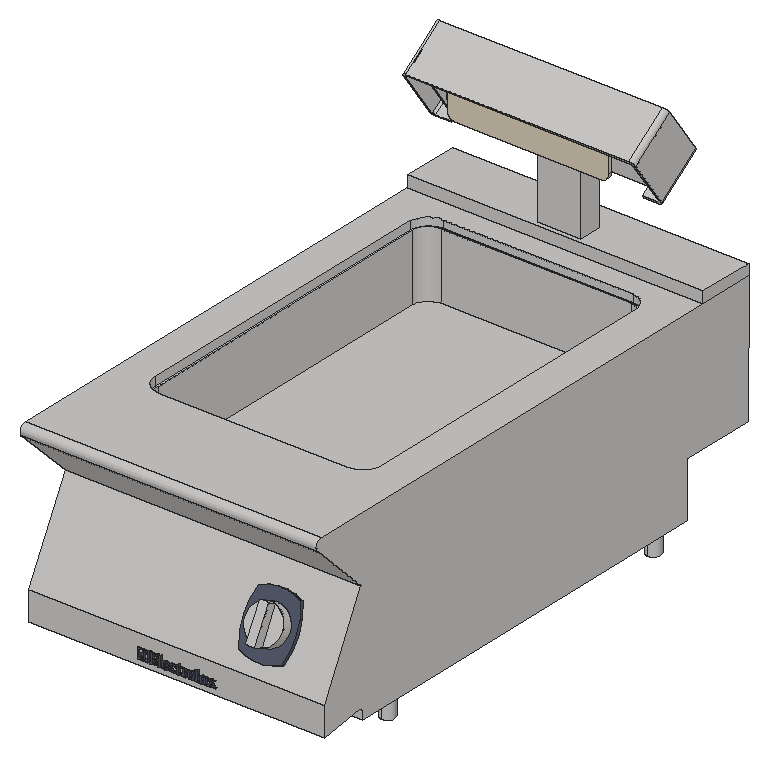
Revit family "QF_ELECTROLUXPROFESSIONAL_371086_E7CSEDC000", category Specialty Equipment, Revit 2018
Family settings
  Round Connector Dimension = Use Diameter
  Part Type = Normal
  Work Plane-Based = No
  Always vertical = Yes
  Cut with Voids When Loaded = No
  Shared = No
  Room Calculation Point = No
Parameters
  Width = 400 mm  # constant formula
  Weight in Pounds = 44  # constant formula
  Watts = 1000 VA  # 1000 W
  Volts = 230 V  # constant formula
  URL Cutsheet = "www.electrolux.com"
  URL = "www.electrolux.com"
  Type Mark [instance] = ""
  Status [instance] = ""
  Specification by User [instance] = ""
  Specification by Manufacturer = ""
  Show Logo [instance] = yes
  Show Clearance [instance] = yes
  Serial Number = ""
  Seismic Rating = ""
  SMACNA No = ""
  Revision Code [instance] = ""
  Phase = 1
  Omniclass Number and Title = ""
  Number of Poles [instance] = 1
  NAFEM Spec ID Number = ""
  Model = "371086"
  Min Ckt Ampacity = 0 A
  Max Overcurrent Protection = 0 A
  Masterspec = ""
  Manufacturer = "ELECTROLUX"
  Item Number [instance] = ""
  Installed By [instance] = ""
  Identify Quantity as Lot [instance] = yes
  Height = 290 mm  # constant formula
  HP = "1.3 HP"
  Furnished By [instance] = ""
  Foodservice Equipment Identifier [instance] = yes
  FL Amps = if(Phase = 3, Watts / (Volts * 1.73), Watts / Volts)  # 4.34783 A
  Electrical Remarks [instance] = "230 V/1N ph/50/60 Hz"  # constant formula
  Electric Connection Type [instance] = ""
  Elec Conn RI Height [instance] = 0 mm
  Elec Conn Connection Height [instance] = 0 mm
  Direct Waste Size = 0"
  Description = "700XP Electric Chip Scuttle"
  Depth = 730.25 mm  # constant formula
  Cycle [instance] = if([60 Hertz Option], 60 Hz, 50 Hz)  # 60 Hz
  Conn Plug = ""
  Conn Conduit = yes
  CSI MasterFormat = ""
  CSI Master Format = ""
  Base Height = 23.813 mm  # constant formula
  Assembly Code = ""
  Apparent Power = if(Phase = 3, Volts * FL Amps * 1.73, Volts * FL Amps)  # 1000 VA
  60 Hertz Option [instance] = not([50 Hertz Option])  # yes
  50 Hertz Option [instance] = no
Reference planes
  plane 1 "BACK": y = 0
  plane 2: z = 0
  plane 3 "LEFT": x = 0
  plane 4 "RIGHT": x = 400
  plane 5 "FRONT": y = -730.25
  plane 6 "TOP": z = 274.638
  plane 7 "Center Y": x = 200
  plane 8 "Center X": y = -365.125
  plane 9: z = 23.813
  plane 10: z = 290
  plane 11: z = 497
Forms (mm)
  Extrusion 1, solid, material "QF_Finishes_Stainless Steel"
    sketch origin (0, 0, 0) x (0, 1, 0) y (0, 0, 1)
      loop
        line (0, 98.425) -> (0, 274.638) -> (-721.5, 274.638)
        arc (-721.5, 274.638) -> (-729.472, 269.31) -> (-727.602, 259.906) r 8.63
        line (-727.602, 259.906) -> (-654.039, 186.343) -> (-715.962, 68.584) -> (-715.962, 30.162) -> (-655.839, 38.612)
        arc (-655.839, 38.612) -> (-653.314, 37.864) -> (-652.222, 35.468) r 3.175
        line (-652.222, 35.468) -> (-652.222, 23.813) -> (-103.188, 23.813) -> (-103.188, 98.425) -> (0, 98.425)
    from 0 to 400
  Extrusion 2, solid, material "QF_Finishes_Stainless Steel"
    sketch origin (0, 0, 0) x (1, 0, 0) y (0, 1, 0)
      loop
        circle (11.112, -146) r 9.525
      loop
        circle (388.888, -146) r 9.525
      loop
        circle (11.112, -596) r 9.525
      loop
        circle (388.888, -596) r 9.525
    from 0 to 23.812
  Extrusion 3, solid, material "QF_Finishes_Stainless Steel"
    sketch origin (0, 0, 0) x (0, 1, 0) y (0, 0, 1)
      loop
        line (0, 274.638) -> (0, 290) -> (-76.2, 290) -> (-76.2, 274.638) -> (0, 274.638)
    from 0 to 400
  Extrusion 4, solid, material "QF_Finishes_Navy Blue", visible <- "Show Logo"
    sketch origin (112.929, -715.962, -347.662) x (0, 0, 1) y (-1, 0, 0)
      loop
        line (399.239, -44.568) -> (386.873, -44.568)
        arc (386.873, -44.568) -> (393.056, -49.139) -> (399.239, -44.568) r 6.467
      loop
        arc (399.239, -43.939) -> (398.07, -38.796) -> (393.414, -36.318) r 6.338
        line (393.414, -36.318) -> (393.414, -38.364)
        arc (393.414, -38.364) -> (394.898, -42.019) -> (398.344, -43.939) r 5.941
        line (398.344, -43.939) -> (399.239, -43.939)
      loop
        arc (387.768, -43.939) -> (391.214, -42.019) -> (392.697, -38.364) r 5.941
        line (392.697, -38.364) -> (392.697, -36.318)
        arc (392.697, -36.318) -> (388.003, -38.792) -> (386.714, -43.939) r 6.504
        line (386.714, -43.939) -> (387.768, -43.939)
      loop
        line (399.914, -35.849) -> (386.17, -35.849) -> (386.17, -49.611) -> (399.914, -49.611) -> (399.914, -35.849)
      loop
        arc (399.998, -52.579) -> (399.65, -52.222) -> (399.283, -52.559) r 0.358
        arc (399.283, -52.559) -> (398.969, -53.31) -> (398.252, -53.694) r 1.216
        line (398.252, -53.694) -> (387.839, -53.694)
        arc (387.839, -53.694) -> (387.179, -53.417) -> (386.783, -52.821) r 1.238
        arc (386.783, -52.821) -> (386.389, -52.57) -> (386.083, -52.924) r 0.358
        line (386.083, -52.924) -> (386.083, -62.803) -> (388.834, -62.803) -> (388.834, -61.905)
        arc (388.834, -61.905) -> (387.925, -61.326) -> (387.47, -60.348) r 1.928
        line (387.47, -60.348) -> (387.47, -57.849)
        arc (387.47, -57.849) -> (387.745, -57.121) -> (388.434, -56.757) r 1.101
        line (388.434, -56.757) -> (392.52, -56.757) -> (392.52, -60.43)
        arc (392.52, -60.43) -> (392.167, -60.927) -> (391.602, -61.155) r 1.083
        arc (391.602, -61.155) -> (391.339, -61.46) -> (391.631, -61.738) r 0.292
        line (391.631, -61.738) -> (394.593, -61.738)
        arc (394.593, -61.738) -> (394.896, -61.466) -> (394.657, -61.136) r 0.305
        arc (394.657, -61.136) -> (394.167, -60.887) -> (393.862, -60.43) r 1.083
        line (393.862, -60.43) -> (393.862, -56.757) -> (398.539, -56.757) -> (398.539, -60.504)
        arc (398.539, -60.504) -> (398.325, -61.259) -> (397.718, -61.758) r 1.314
        arc (397.718, -61.758) -> (397.499, -62.162) -> (397.854, -62.454) r 0.361
        line (397.854, -62.454) -> (399.998, -62.454) -> (399.998, -52.579)
      loop
        arc (399.28, -63.235) -> (398.9, -64.153) -> (397.981, -64.534) r 1.299
        line (397.981, -64.534) -> (388.403, -64.534)
        arc (388.403, -64.534) -> (387.565, -64.156) -> (387.293, -63.278) r 1.118
        line (387.293, -63.278) -> (386.083, -63.278) -> (386.083, -68.627) -> (387.272, -68.627)
        arc (387.272, -68.627) -> (387.543, -67.711) -> (388.413, -67.314) r 1.153
        line (388.413, -67.314) -> (400.486, -67.314) -> (399.28, -63.235)
      loop
        line (391.048, -71.264) -> (391.048, -77.711) -> (391.847, -77.711)
        arc (391.847, -77.711) -> (394.428, -76.726) -> (395.696, -74.273) r 3.874
        line (395.696, -74.273) -> (395.696, -72.512)
        arc (395.696, -72.512) -> (394.51, -69.648) -> (391.645, -68.461) r 4.051
        line (391.645, -68.461) -> (389.637, -68.461)
        arc (389.637, -68.461) -> (386.819, -69.946) -> (385.767, -72.953) r 4.352
        arc (385.767, -72.953) -> (386.131, -75.417) -> (387.509, -77.491) r 5.713
        line (387.509, -77.491) -> (388.458, -77.491)
        arc (388.458, -77.491) -> (387.725, -75.922) -> (387.509, -74.204) r 5.579
        arc (387.509, -74.204) -> (388.303, -72.24) -> (390.182, -71.264) r 3.057
        line (390.182, -71.264) -> (391.048, -71.264)
      loop
        line (392.307, -71.264) -> (392.307, -74.846)
        arc (392.307, -74.846) -> (393.764, -74.893) -> (394.647, -73.733) r 1.59
        line (394.647, -73.733) -> (394.647, -72.904)
        arc (394.647, -72.904) -> (393.783, -71.648) -> (392.307, -71.264) r 2.184
      loop
        arc (395.098, -87.129) -> (395.587, -85.455) -> (395.745, -83.718) r 9.023
        line (395.745, -83.718) -> (395.745, -82.355)
        arc (395.745, -82.355) -> (394.585, -79.556) -> (391.786, -78.396) r 3.959
        line (391.786, -78.396) -> (389.185, -78.396)
        arc (389.185, -78.396) -> (386.904, -79.689) -> (385.786, -82.062) r 4.331
        line (385.786, -82.062) -> (385.786, -84.197)
        arc (385.786, -84.197) -> (386.294, -85.747) -> (387.216, -87.092) r 5.772
        arc (387.216, -87.092) -> (387.978, -87.143) -> (388.064, -86.385) r 0.553
        arc (388.064, -86.385) -> (387.676, -85.651) -> (387.543, -84.832) r 2.573
        line (387.543, -84.832) -> (387.543, -83.316)
        arc (387.543, -83.316) -> (388.548, -81.675) -> (390.363, -81.032) r 2.884
        line (390.363, -81.032) -> (391.642, -81.032)
        arc (391.642, -81.032) -> (393.463, -81.592) -> (394.39, -83.257) r 2.554
        line (394.39, -83.257) -> (394.39, -84.311)
        arc (394.39, -84.311) -> (394.058, -85.239) -> (393.401, -85.974) r 2.564
        arc (393.401, -85.974) -> (393.18, -86.691) -> (393.789, -87.129) r 0.643
        line (393.789, -87.129) -> (395.098, -87.129)
      loop
        line (394.08, -87.399) -> (394.08, -88.9) -> (388.032, -88.9)
        arc (388.032, -88.9) -> (386.444, -89.558) -> (385.786, -91.146) r 2.246
        line (385.786, -91.146) -> (385.786, -92.729)
        arc (385.786, -92.729) -> (386.1, -93.594) -> (386.601, -94.366) r 4.06
        arc (386.601, -94.366) -> (387.333, -94.498) -> (387.584, -93.798) r 0.576
        arc (387.584, -93.798) -> (387.478, -93.272) -> (387.543, -92.739) r 1.69
        arc (387.543, -92.739) -> (388.084, -91.952) -> (388.991, -91.648) r 1.506
        line (388.991, -91.648) -> (394.128, -91.648) -> (394.128, -94.046) -> (394.685, -94.602) -> (395.506, -94.602) -> (395.506, -91.742) -> (398.738, -91.742) -> (394.08, -87.399)
      loop
        line (386.004, -95.499) -> (386.004, -100.886) -> (387.114, -100.886)
        arc (387.114, -100.886) -> (387.508, -99.935) -> (388.459, -99.541) r 1.345
        line (388.459, -99.541) -> (392.075, -99.541)
        arc (392.075, -99.541) -> (392.839, -100.133) -> (393.129, -101.056) r 1.615
        line (393.129, -101.056) -> (393.129, -102.611) -> (395.685, -103.296) -> (395.685, -101.914) -> (393.742, -99.354) -> (395.622, -99.354) -> (395.338, -96.649)
        arc (395.338, -96.649) -> (394.898, -96.118) -> (394.24, -96.319) r 0.621
        arc (394.24, -96.319) -> (393.839, -96.662) -> (393.345, -96.844) r 1.501
        line (393.345, -96.844) -> (388.459, -96.844)
        arc (388.459, -96.844) -> (387.508, -96.45) -> (387.114, -95.499) r 1.345
        line (387.114, -95.499) -> (386.004, -95.499)
      loop
        line (392.106, -102.834) -> (389.413, -102.834)
        arc (389.413, -102.834) -> (386.968, -104.141) -> (385.834, -106.672) r 4.288
        arc (385.834, -106.672) -> (385.77, -108.052) -> (385.834, -109.433) r 15.022
        arc (385.834, -109.433) -> (386.968, -111.963) -> (389.413, -113.271) r 4.288
        line (389.413, -113.271) -> (392.106, -113.271)
        arc (392.106, -113.271) -> (394.551, -111.963) -> (395.685, -109.433) r 4.288
        arc (395.685, -109.433) -> (395.748, -108.052) -> (395.685, -106.672) r 15.022
        arc (395.685, -106.672) -> (394.551, -104.141) -> (392.106, -102.834) r 4.288
      loop
        line (392.31, -105.948) -> (389.209, -105.948)
        arc (389.209, -105.948) -> (387.052, -108.105) -> (389.209, -110.262) r 2.157
        line (389.209, -110.262) -> (392.31, -110.262)
        arc (392.31, -110.262) -> (394.467, -108.105) -> (392.31, -105.948) r 2.157
      loop
        arc (399.291, -113.129) -> (398.921, -114.023) -> (398.027, -114.393) r 1.264
        line (398.027, -114.393) -> (388.162, -114.393)
        arc (388.162, -114.393) -> (387.292, -113.997) -> (387.021, -113.08) r 1.153
        line (387.021, -113.08) -> (386.083, -113.08) -> (386.083, -118.189) -> (387.011, -118.189)
        arc (387.011, -118.189) -> (387.371, -117.416) -> (388.162, -117.102) r 1.153
        line (388.162, -117.102) -> (400.486, -117.102) -> (399.291, -113.129)
      loop
        arc (394.411, -117.726) -> (394.212, -118.79) -> (393.243, -119.273) r 1.215
        line (393.243, -119.273) -> (388.223, -119.273)
        arc (388.223, -119.273) -> (386.609, -119.92) -> (385.888, -121.503) r 2.338
        line (385.888, -121.503) -> (385.888, -123.017)
        arc (385.888, -123.017) -> (386.062, -124.021) -> (386.565, -124.908) r 2.979
        line (386.565, -124.908) -> (386.083, -126.704) -> (386.083, -128.393) -> (395.509, -128.393) -> (395.215, -124.19) -> (394.428, -124.19)
        arc (394.428, -124.19) -> (394.073, -125.025) -> (393.32, -125.534) r 1.605
        line (393.32, -125.534) -> (388.217, -125.534)
        arc (388.217, -125.534) -> (387.797, -124.598) -> (387.724, -123.573) r 2.94
        arc (387.724, -123.573) -> (388.285, -122.473) -> (389.439, -122.03) r 1.724
        line (389.439, -122.03) -> (395.635, -122.03) -> (394.411, -117.726)
      loop
        line (395.44, -129.246) -> (393.767, -131.292) -> (390.593, -133.598) -> (387.137, -130.486)
        arc (387.137, -130.486) -> (386.9, -130.093) -> (386.922, -129.634) r 0.789
        line (386.922, -129.634) -> (386.083, -129.634) -> (386.083, -133.179) -> (386.909, -133.179)
        arc (386.909, -133.179) -> (387.252, -132.816) -> (387.742, -132.908) r 0.52
        line (387.742, -132.908) -> (389.542, -134.38) -> (387.423, -135.755)
        arc (387.423, -135.755) -> (387.022, -135.445) -> (386.935, -134.946) r 0.7
        line (386.935, -134.946) -> (386.083, -134.946) -> (386.083, -140.873) -> (386.97, -140.873)
        arc (386.97, -140.873) -> (387.037, -140.214) -> (387.432, -139.682) r 1.247
        line (387.432, -139.682) -> (391.631, -136.401) -> (394.079, -138.455) -> (395.44, -140.197) -> (395.44, -136.473) -> (393.954, -136.895) -> (392.433, -135.619) -> (394.133, -134.428) -> (395.44, -135.205) -> (395.44, -129.246)
    from 0 to 1.644
  Extrusion 5, solid, material "QF_Finishes_Stainless Steel"
    sketch origin (0, -103.188, 23.813) x (0, 0, 1) y (1, 0, 0)
      loop
        circle (37, 200) r 3.175
    from 0 to 1.6
  Extrusion 6, solid, material "QF_Finishes_Navy Blue"
    sketch origin (-232.598, -719.37, 62.104) x (0, 0.465426, 0.885087) y (-1, 0, 0)
      loop
        arc (102.623, -510.47) -> (67.041, -502.846) -> (31.333, -509.853) r 90.5
        arc (31.333, -509.853) -> (24.507, -539.04) -> (31.333, -568.228) r 65.817
        arc (31.333, -568.228) -> (67.04, -575.188) -> (102.623, -567.615) r 91.066
        arc (102.623, -567.615) -> (109.179, -539.043) -> (102.623, -510.47) r 65.546
    from 0 to 3.175
  Extrusion 7, solid, material "QF_Finishes_Stainless Steel"
    sketch origin (146.152, -723.103, 61.827) x (0, 0.465426, 0.885087) y (-1, 0, 0)
      loop
        circle (68.826, -160.963) r 25.4
    from 0 to 12.7
  Extrusion 8, solid, material "QF_Finishes_Stainless Steel"
    sketch origin (146.152, -734.344, 67.738) x (0, 0.465426, 0.885087) y (-1, 0, 0)
      loop
        arc (93.558, -166.749) -> (94.226, -160.963) -> (93.558, -155.177) r 25.4
        line (93.558, -155.177) -> (44.094, -155.177)
        arc (44.094, -155.177) -> (43.426, -160.963) -> (44.094, -166.749) r 25.4
        line (44.094, -166.749) -> (93.558, -166.749)
    from 0 to 12.7
  Extrusion 9, solid, material "QF_Finishes_Clearance", visible <- "Show Clearance", detail levels coarse
    sketch origin (0, 0, 0) x (1, 0, 0) y (0, 1, 0)
      loop
        line (0, -730.25) -> (0, 0) -> (400, 0) -> (400, -730.25) -> (550, -730.25) -> (550, 150) -> (-150, 150) -> (-150, -730.25) -> (0, -730.25)
    from 0 to 290
  Extrusion 10, solid, material "QF_Finishes_Stainless Steel"
    sketch origin (0, 0, 0) x (0, 1, 0) y (0, 0, 1)
      loop
        line (-38.1, 290) -> (-38.1, 420) -> (-69.19, 398.23) -> (-69.19, 290) -> (-38.1, 290)
    from 171.287 to 228.713
  Extrusion 11, solid, material "QF_Finishes_Stainless Steel"
    sketch origin (0, 207.687, -131.446) x (1, 0, 0) y (0, -0.573576, 0.819152)
      loop
        line (49.422, 592.696) -> (70, 592.696) -> (70, 595.896) -> (49.422, 595.896)
        arc (49.422, 595.896) -> (47.442, 596.716) -> (46.622, 598.696) r 2.8
        line (46.622, 598.696) -> (46.622, 675.455)
        arc (46.622, 675.455) -> (47.442, 677.435) -> (49.422, 678.255) r 2.8
        line (49.422, 678.255) -> (350.922, 678.255)
        arc (350.922, 678.255) -> (352.902, 677.435) -> (353.722, 675.455) r 2.8
        line (353.722, 675.455) -> (353.722, 598.696)
        arc (353.722, 598.696) -> (352.902, 596.716) -> (350.922, 595.896) r 2.8
        line (350.922, 595.896) -> (330, 595.896) -> (330, 592.696) -> (350.922, 592.696)
        arc (350.922, 592.696) -> (355.165, 594.453) -> (356.922, 598.696) r 6
        line (356.922, 598.696) -> (356.922, 675.455)
        arc (356.922, 675.455) -> (355.165, 679.698) -> (350.922, 681.455) r 6
        line (350.922, 681.455) -> (49.422, 681.455)
        arc (49.422, 681.455) -> (45.18, 679.698) -> (43.422, 675.455) r 6
        line (43.422, 675.455) -> (43.422, 598.696)
        arc (43.422, 598.696) -> (45.18, 594.453) -> (49.422, 592.696) r 6
    from -122.733 to -52.733
  Extrusion 12, solid, material "QF_Finishes_Stainless Steel"
    sketch origin (0, 207.687, -131.446) x (1, 0, 0) y (0, -0.573576, 0.819152)
      loop
        arc (353.722, 675.455) -> (352.902, 677.435) -> (350.922, 678.255) r 2.8
        line (350.922, 678.255) -> (49.422, 678.255)
        arc (49.422, 678.255) -> (47.442, 677.435) -> (46.622, 675.455) r 2.8
        line (46.622, 675.455) -> (46.622, 598.696)
        arc (46.622, 598.696) -> (47.442, 596.716) -> (49.422, 595.896) r 2.8
        line (49.422, 595.896) -> (350.922, 595.896)
        arc (350.922, 595.896) -> (352.902, 596.716) -> (353.722, 598.696) r 2.8
        line (353.722, 598.696) -> (353.722, 675.455)
    from -122.733 to -86.366
  Extrusion 13, solid, material "QF_Finishes_Stainless Steel"
    sketch origin (0, 207.687, -131.446) x (0, 0.819152, 0.573576) y (0, -0.573576, 0.819152)
      loop
        line (64.196, 600.535) -> (67.021, 599.033) -> (85.562, 633.903) -> (82.975, 635.853) -> (64.196, 600.535)
      loop
        line (69.646, 647.915) -> (72.471, 646.413) -> (86.232, 672.294) -> (83.645, 674.243) -> (69.646, 647.915)
    from 61.746 to 338.254
  Extrusion 14, solid, material "QF_Finishes_Stainless Steel"
    sketch origin (0, 207.687, -131.446) x (1, 0, 0) y (0, -0.573576, 0.819152)
      loop
        line (59.871, 678.255) -> (56.696, 678.255) -> (56.696, 595.896) -> (59.871, 595.896) -> (59.871, 678.255)
      loop
        line (340.129, 678.255) -> (340.129, 595.896) -> (343.304, 595.896) -> (343.304, 678.255) -> (340.129, 678.255)
    from -86.366 to -65.849
  Extrusion 15, solid, material "QF_Finishes_Almond"
    sketch origin (0, -118.332, -209.985) x (1, 0, 0) y (0, 0, 1)
      loop
        line (90.908, 678.255) -> (90.908, 629.664)
        arc (90.908, 629.664) -> (93.837, 622.593) -> (100.908, 619.664) r 10
        line (100.908, 619.664) -> (299.092, 619.664)
        arc (299.092, 619.664) -> (306.163, 622.593) -> (309.092, 629.664) r 10
        line (309.092, 629.664) -> (309.092, 678.255) -> (90.908, 678.255)
    from 0 to 3.2
  Extrusion 16, void
    sketch origin (0, 0, 0) x (1, 0, 0) y (0, 1, 0)
      loop
        line (328.172, -106.2) -> (72.172, -106.2)
        arc (72.172, -106.2) -> (54.495, -113.522) -> (47.172, -131.2) r 25
        line (47.172, -131.2) -> (47.172, -561.2)
        arc (47.172, -561.2) -> (54.495, -578.878) -> (72.172, -586.2) r 25
        line (72.172, -586.2) -> (328.172, -586.2)
        arc (328.172, -586.2) -> (345.85, -578.878) -> (353.172, -561.2) r 25
        line (353.172, -561.2) -> (353.172, -131.2)
        arc (353.172, -131.2) -> (345.85, -113.522) -> (328.172, -106.2) r 25
    from 174.637 to 274.637
  Extrusion 17, solid, material "QF_Finishes_Stainless Steel"
    sketch origin (0, 0, 0) x (1, 0, 0) y (0, 1, 0)
      loop
        line (72.172, -586.2) -> (328.172, -586.2)
        arc (328.172, -586.2) -> (345.85, -578.878) -> (353.172, -561.2) r 25
        line (353.172, -561.2) -> (353.172, -131.2)
        arc (353.172, -131.2) -> (345.85, -113.522) -> (328.172, -106.2) r 25
        line (328.172, -106.2) -> (72.172, -106.2)
        arc (72.172, -106.2) -> (54.495, -113.522) -> (47.172, -131.2) r 25
        line (47.172, -131.2) -> (47.172, -561.2)
        arc (47.172, -561.2) -> (54.495, -578.878) -> (72.172, -586.2) r 25
      loop
        arc (328.172, -583) -> (343.587, -576.615) -> (349.972, -561.2) r 21.8
        line (349.972, -561.2) -> (349.972, -131.2)
        arc (349.972, -131.2) -> (343.587, -115.785) -> (328.172, -109.4) r 21.8
        line (328.172, -109.4) -> (72.172, -109.4)
        arc (72.172, -109.4) -> (56.757, -115.785) -> (50.372, -131.2) r 21.8
        line (50.372, -131.2) -> (50.372, -561.2)
        arc (50.372, -561.2) -> (56.757, -576.615) -> (72.172, -583) r 21.8
        line (72.172, -583) -> (328.172, -583)
    from 174.637 to 264.637
  Extrusion 18, solid, material "QF_Finishes_Stainless Steel"
    sketch origin (0, 0, 0) x (0, 1, 0) y (0, 0, 1)
      loop
        line (-73.082, 483.512) -> (-67.28, 475.226) -> (-65.422, 477.084) -> (-73.082, 483.512)
      loop
        line (-57.188, 460.812) -> (-51.386, 452.526) -> (-49.527, 454.385) -> (-57.188, 460.812)
    from 90.908 to 152.58
  Extrusion 19, solid, material "QF_Finishes_Stainless Steel"
    sketch origin (78.256, 0, 0) x (0, 1, 0) y (0, 0, 1)
      loop
        line (-73.082, 483.512) -> (-67.28, 475.226) -> (-65.422, 477.084) -> (-73.082, 483.512)
      loop
        line (-57.188, 460.812) -> (-51.386, 452.526) -> (-49.527, 454.385) -> (-57.188, 460.812)
    from 90.908 to 152.58
  Extrusion 20, solid, material "QF_Finishes_Stainless Steel"
    sketch origin (156.512, 0, 0) x (0, 1, 0) y (0, 0, 1)
      loop
        line (-73.082, 483.512) -> (-67.28, 475.226) -> (-65.422, 477.084) -> (-73.082, 483.512)
      loop
        line (-57.188, 460.812) -> (-51.386, 452.526) -> (-49.527, 454.385) -> (-57.188, 460.812)
    from 90.908 to 152.58
Cuts and joins
  Extrusion 16 cuts Extrusion 1
  Extrusion 16 cuts Extrusion 2
  Extrusion 16 cuts Extrusion 9
  joined: Extrusion 11, Extrusion 12
Lines and regions (mm)
  symbolic lines
    curve 1: line (0, -730.129, 0) -> (400, -730.129, 0)
    curve 2: line (0, 0, 0) -> (0, -730.129, 0)
    curve 3: line (400, 0, 0) -> (0, 0, 0)
    curve 4: line (400, -730.129, 0) -> (400, 0, 0)
    curve 5: line (0, -76.2, 0) -> (43.422, -76.2, 0)
    curve 6: line (0, -723.779, 0) -> (400, -723.779, 0)
    curve 10: line (47.172, -139.733, 0) -> (47.172, -561.2, 0)
    curve 11: arc (47.172, -561.2, 0) -> (54.495, -578.878, 0) -> (72.172, -586.2, 0) r 25
    curve 12: line (72.172, -586.2, 0) -> (328.172, -586.2, 0)
    curve 13: arc (328.172, -586.2, 0) -> (345.85, -578.878, 0) -> (353.172, -561.2, 0) r 25
    curve 14: line (353.172, -561.2, 0) -> (353.172, -139.733, 0)
    curve 15: line (350.922, -139.984, 0) -> (49.422, -139.984, 0)
    curve 16: line (356.922, -136.542, 0) -> (356.922, -35.174, 0)
    curve 17: spline (356.922, -136.542, 0) -> (356.871, -136.991, 0) -> (356.718, -137.433, 0) -> (356.466, -137.859, 0) -> (356.118, -138.263, 0) -> (355.682, -138.637, 0) -> (355.165, -138.976, 0) -> (354.575, -139.273, 0) -> (353.922, -139.523, 0) -> (353.218, -139.722, 0) -> (352.475, -139.866, 0) -> (351.705, -139.954, 0) -> (350.922, -139.984, 0)
    curve 18: spline (49.422, -139.984, 0) -> (48.639, -139.954, 0) -> (47.869, -139.866, 0) -> (47.126, -139.722, 0) -> (46.422, -139.523, 0) -> (45.77, -139.273, 0) -> (45.18, -138.976, 0) -> (44.662, -138.637, 0) -> (44.226, -138.263, 0) -> (43.879, -137.859, 0) -> (43.627, -137.433, 0) -> (43.474, -136.991, 0) -> (43.422, -136.542, 0)
    curve 19: line (43.422, -35.174, 0) -> (43.422, -136.542, 0)
    curve 20: line (70, -31.733, 0) -> (49.422, -31.733, 0)
    curve 21: spline (49.422, -31.733, 0) -> (48.639, -31.762, 0) -> (47.869, -31.85, 0) -> (47.126, -31.995, 0) -> (46.422, -32.194, 0) -> (45.77, -32.444, 0) -> (45.18, -32.741, 0) -> (44.662, -33.079, 0) -> (44.226, -33.453, 0) -> (43.879, -33.857, 0) -> (43.627, -34.283, 0) -> (43.474, -34.725, 0) -> (43.422, -35.174, 0)
    curve 22: line (330, -33.568, 0) -> (70, -33.568, 0)
    curve 23: line (70, -33.568, 0) -> (70, -31.733, 0)
    curve 24: line (330, -31.733, 0) -> (330, -33.568, 0)
    curve 25: line (350.922, -31.733, 0) -> (330, -31.733, 0)
    curve 26: spline (356.922, -35.174, 0) -> (356.871, -34.725, 0) -> (356.718, -34.283, 0) -> (356.466, -33.857, 0) -> (356.118, -33.453, 0) -> (355.682, -33.079, 0) -> (355.165, -32.741, 0) -> (354.575, -32.444, 0) -> (353.922, -32.194, 0) -> (353.218, -31.995, 0) -> (352.475, -31.85, 0) -> (351.705, -31.762, 0) -> (350.922, -31.733, 0)
    curve 27: spline (43.422, -79.202, 0) -> (43.474, -79.651, 0) -> (43.627, -80.092, 0) -> (43.879, -80.519, 0) -> (44.226, -80.922, 0) -> (44.662, -81.297, 0) -> (45.18, -81.635, 0) -> (45.77, -81.932, 0) -> (46.422, -82.182, 0) -> (47.126, -82.381, 0) -> (47.869, -82.526, 0) -> (48.639, -82.614, 0) -> (49.422, -82.643, 0)
    curve 28: line (49.422, -82.643, 0) -> (350.922, -82.643, 0)
    curve 29: spline (350.922, -82.643, 0) -> (351.705, -82.614, 0) -> (352.475, -82.526, 0) -> (353.218, -82.381, 0) -> (353.922, -82.182, 0) -> (354.575, -81.932, 0) -> (355.165, -81.635, 0) -> (355.682, -81.297, 0) -> (356.118, -80.922, 0) -> (356.466, -80.519, 0) -> (356.718, -80.092, 0) -> (356.871, -79.651, 0) -> (356.922, -79.202, 0)
    curve 30: line (309.092, -49.527, 0) -> (247.42, -49.527, 0)
    curve 31: line (247.42, -57.188, 0) -> (309.092, -57.188, 0)
    curve 32: line (309.092, -73.082, 0) -> (309.092, -65.422, 0)
    curve 33: line (247.42, -49.527, 0) -> (247.42, -57.188, 0)
    curve 34: line (230.836, -73.082, 0) -> (230.836, -65.422, 0)
    curve 35: line (169.164, -49.527, 0) -> (169.164, -57.188, 0)
    curve 36: line (230.836, -49.527, 0) -> (169.164, -49.527, 0)
    curve 37: line (169.164, -57.188, 0) -> (230.836, -57.188, 0)
    curve 38: line (230.836, -65.422, 0) -> (169.164, -65.422, 0)
    curve 39: line (169.164, -73.082, 0) -> (230.836, -73.082, 0)
    curve 40: line (90.908, -73.082, 0) -> (152.58, -73.082, 0)
    curve 41: line (152.58, -65.422, 0) -> (90.908, -65.422, 0)
    curve 42: line (90.908, -57.188, 0) -> (152.58, -57.188, 0)
    curve 43: line (152.58, -49.527, 0) -> (90.908, -49.527, 0)
    curve 44: line (90.908, -49.527, 0) -> (90.908, -57.188, 0)
    curve 45: line (152.58, -73.082, 0) -> (152.58, -65.422, 0)
    curve 46: line (90.908, -65.422, 0) -> (90.908, -73.082, 0)
    curve 47: line (169.164, -65.422, 0) -> (169.164, -73.082, 0)
    curve 48: line (230.836, -57.188, 0) -> (230.836, -49.527, 0)
    curve 49: line (247.42, -65.422, 0) -> (247.42, -73.082, 0)
    curve 50: line (309.092, -57.188, 0) -> (309.092, -49.527, 0)
    curve 51: line (309.092, -65.422, 0) -> (247.42, -65.422, 0)
    curve 52: line (247.42, -73.082, 0) -> (309.092, -73.082, 0)
    curve 53: line (152.58, -57.188, 0) -> (152.58, -49.527, 0)
    curve 54: line (356.922, -76.2, 0) -> (400, -76.2, 0)
    curve 55: line (56.672, -139.733, 0) -> (56.672, -561.2, 0)
    curve 56: arc (56.672, -561.2, 0) -> (61.212, -572.16, 0) -> (72.172, -576.7, 0) r 15.5
    curve 57: line (72.172, -576.7, 0) -> (328.172, -576.7, 0)
    curve 58: arc (328.172, -576.7, 0) -> (339.132, -572.16, 0) -> (343.672, -561.2, 0) r 15.5
    curve 59: line (343.672, -561.2, 0) -> (343.672, -139.733, 0)
    curve 60: line (328.172, -576.7, 0) -> (328.172, -586.2, 0)
    curve 61: line (343.672, -561.2, 0) -> (353.172, -561.2, 0)
    curve 62: line (72.172, -576.7, 0) -> (72.172, -586.2, 0)
    curve 63: line (56.672, -561.2, 0) -> (47.172, -561.2, 0)
  symbolic lines, style "QF-Clearances", visible <- "Show Clearance", detail levels coarse
    curve 7: line (550, -730.25, 0) -> (550, 150, 0)
    curve 8: line (550, 150, 0) -> (-150, 150, 0)
    curve 9: line (-150, 150, 0) -> (-150, -730.25, 0)
Dimensions and locks
  equal spacing: plane 3 "LEFT", plane 7 "Center Y", plane 4 "RIGHT"
  "Width": plane 3 "LEFT" to plane 4 "RIGHT"
  equal spacing: plane 5 "FRONT", plane 8 "Center X", plane 1 "BACK"
  "Depth": plane 5 "FRONT" to plane 1 "BACK"
  "Height": plane 10 to level
  plane 9 to Extrusion 1 = 74.612 mm
  plane 1 "BACK" to Extrusion 1 = 103.188 mm
  plane 1 "BACK" to Extrusion 1 = 715.962 mm
  "Base Height": plane 9 to level
  plane 11 to level = 497 mm
  aligned and locked: level to plane 2
  aligned and locked: plane 4 "RIGHT" to Extrusion 1
  aligned and locked: plane 4 "RIGHT" to Extrusion 3
Automatic sketch dimensions
  Extrusion 1 sketch curve to plane 6 "TOP" = 0 mm
  Extrusion 1 sketch curve to plane 9 = 0 mm
  Extrusion 1 sketch curve to plane 1 "BACK" = 0 mm
  plane 9 to Extrusion 1 sketch curve = 11.656 mm
  Extrusion 1 sketch curve to plane 5 "FRONT" = 78.028 mm
  Extrusion 1 sketch curve to plane 5 "FRONT" = 76.211 mm
  Extrusion 1 sketch curve to Extrusion 1 sketch curve = 3.175 mm
  plane 9 to Extrusion 1 sketch curve = 14.8 mm
  plane 9 to Extrusion 1 sketch curve = 6.35 mm
  Extrusion 1 sketch curve to plane 5 "FRONT" = 14.288 mm
  Extrusion 1 sketch curve to plane 5 "FRONT" = 8.75 mm
  Extrusion 1 sketch curve to plane 5 "FRONT" = 2.648 mm
  Extrusion 1 sketch curve to Extrusion 1 sketch curve = 38.422 mm
  plane 9 to Extrusion 1 sketch curve = 74.613 mm
  Extrusion 1 sketch curve to plane 6 "TOP" = 88.295 mm
  Extrusion 1 sketch curve to plane 6 "TOP" = 14.732 mm
  Extrusion 3 sketch curve to plane 6 "TOP" = 0 mm
  Extrusion 3 sketch curve to plane 10 = 0 mm
  Extrusion 3 sketch curve to plane 1 "BACK" = 0 mm
  plane 9 to Extrusion 4 sketch curve = 9.251 mm
  plane 9 to Extrusion 4 sketch curve = 14.292 mm
  plane 7 "Center Y" to Extrusion 4 sketch curve = 5.659 mm
  plane 9 to Extrusion 4 sketch curve = 14.311 mm
  Extrusion 4 sketch curve to Extrusion 4 sketch curve = 0 mm  (x28)
  Extrusion 4 sketch curve to Extrusion 4 sketch curve = 5.108 mm  (x2)
  Extrusion 4 sketch curve to Extrusion 4 sketch curve = 0.054 mm
  Extrusion 4 sketch curve to Extrusion 4 sketch curve = 0.218 mm
  Extrusion 4 sketch curve to Extrusion 4 sketch curve = 0.195 mm
  Extrusion 4 sketch curve to Extrusion 4 sketch curve = 0.249 mm
  plane 9 to Extrusion 4 sketch curve = 14.608 mm
  Extrusion 4 sketch curve to Extrusion 4 sketch curve = 0.087 mm
  Extrusion 4 sketch curve to Extrusion 4 sketch curve = 0.358 mm
  Extrusion 4 sketch curve to Extrusion 4 sketch curve = 0.481 mm
  Extrusion 4 sketch curve to Extrusion 4 sketch curve = 0.597 mm
  Extrusion 4 sketch curve to Extrusion 4 sketch curve = 0.544 mm
  Extrusion 4 sketch curve to Extrusion 4 sketch curve = 0.936 mm
  Extrusion 4 sketch curve to Extrusion 4 sketch curve = 0.594 mm
  Extrusion 4 sketch curve to Extrusion 4 sketch curve = 0.343 mm
  Extrusion 4 sketch curve to Extrusion 4 sketch curve = 0.159 mm
  Extrusion 4 sketch curve to Extrusion 4 sketch curve = 0.826 mm
  Extrusion 4 sketch curve to Extrusion 4 sketch curve = 0.839 mm
  Extrusion 4 sketch curve to Extrusion 4 sketch curve = 0.852 mm
  Extrusion 4 sketch curve to Extrusion 4 sketch curve = 0.887 mm
  Extrusion 4 sketch curve to Extrusion 4 sketch curve = 0.928 mm
  Extrusion 4 sketch curve to Extrusion 4 sketch curve = 0.938 mm
  Extrusion 4 sketch curve to Extrusion 4 sketch curve = 0.444 mm
  Extrusion 4 sketch curve to Extrusion 4 sketch curve = 1.11 mm  (x3)
  Extrusion 4 sketch curve to Extrusion 4 sketch curve = 0.215 mm
  plane 7 "Center Y" to Extrusion 4 sketch curve = 0.022 mm
  Extrusion 4 sketch curve to Extrusion 4 sketch curve = 1.43 mm
  Extrusion 4 sketch curve to Extrusion 4 sketch curve = 1.188 mm
  Extrusion 4 sketch curve to Extrusion 4 sketch curve = 1.21 mm  (x2)
  Extrusion 4 sketch curve to Extrusion 4 sketch curve = 0.503 mm
  Extrusion 4 sketch curve to Extrusion 4 sketch curve = 0.488 mm
  Extrusion 4 sketch curve to Extrusion 4 sketch curve = 0.462 mm
  Extrusion 4 sketch curve to Extrusion 4 sketch curve = 1.386 mm
  Extrusion 4 sketch curve to Extrusion 4 sketch curve = 1.742 mm  (x2)
  Extrusion 4 sketch curve to Extrusion 4 sketch curve = 0.821 mm
  Extrusion 4 sketch curve to Extrusion 4 sketch curve = 0.497 mm
  Extrusion 4 sketch curve to Extrusion 4 sketch curve = 0.539 mm
  Extrusion 4 sketch curve to Extrusion 4 sketch curve = 0.686 mm
  Extrusion 4 sketch curve to plane 7 "Center Y" = 0.352 mm
  Extrusion 4 sketch curve to Extrusion 4 sketch curve = 0.408 mm
  Extrusion 4 sketch curve to Extrusion 4 sketch curve = 0.743 mm
  Extrusion 4 sketch curve to Extrusion 4 sketch curve = 1.16 mm
  Extrusion 4 sketch curve to Extrusion 4 sketch curve = 0.329 mm
  Extrusion 4 sketch curve to Extrusion 4 sketch curve = 1.054 mm
  Extrusion 4 sketch curve to Extrusion 4 sketch curve = 1.056 mm
  Extrusion 4 sketch curve to Extrusion 4 sketch curve = 0.129 mm
  Extrusion 4 sketch curve to Extrusion 4 sketch curve = 0.489 mm
  Extrusion 4 sketch curve to Extrusion 4 sketch curve = 0.441 mm
  Extrusion 4 sketch curve to Extrusion 4 sketch curve = 1.151 mm
  Extrusion 4 sketch curve to Extrusion 4 sketch curve = 1.141 mm  (x2)
  Extrusion 4 sketch curve to Extrusion 4 sketch curve = 0.768 mm
  Extrusion 4 sketch curve to Extrusion 4 sketch curve = 1.653 mm
  Extrusion 4 sketch curve to Extrusion 4 sketch curve = 0.499 mm
  Extrusion 4 sketch curve to Extrusion 4 sketch curve = 0.964 mm
  Extrusion 4 sketch curve to Extrusion 4 sketch curve = 0.949 mm
  Extrusion 4 sketch curve to Extrusion 4 sketch curve = 1.345 mm  (x2)
  Extrusion 4 sketch curve to Extrusion 4 sketch curve = 1.101 mm
  Extrusion 4 sketch curve to Extrusion 4 sketch curve = 0.432 mm
  Extrusion 4 sketch curve to Extrusion 4 sketch curve = 1.142 mm
  Extrusion 4 sketch curve to Extrusion 4 sketch curve = 0.959 mm
  Extrusion 4 sketch curve to Extrusion 4 sketch curve = 0.176 mm
  Extrusion 4 sketch curve to Extrusion 4 sketch curve = 0.728 mm
  Extrusion 4 sketch curve to Extrusion 4 sketch curve = 3.375 mm  (x2)
  Extrusion 4 sketch curve to Extrusion 4 sketch curve = 0.541 mm
  Extrusion 4 sketch curve to Extrusion 4 sketch curve = 0.955 mm
  Extrusion 4 sketch curve to Extrusion 4 sketch curve = 1.251 mm
  Extrusion 4 sketch curve to Extrusion 4 sketch curve = 0.572 mm
  Extrusion 4 sketch curve to Extrusion 4 sketch curve = 1.92 mm
  Extrusion 4 sketch curve to Extrusion 4 sketch curve = 1.224 mm
  Extrusion 4 sketch curve to Extrusion 4 sketch curve = 0.745 mm
  Extrusion 4 sketch curve to Extrusion 4 sketch curve = 0.036 mm
  Extrusion 4 sketch curve to Extrusion 4 sketch curve = 0.896 mm  (x3)
  Extrusion 4 sketch curve to Extrusion 4 sketch curve = 2.607 mm
  Extrusion 4 sketch curve to Extrusion 4 sketch curve = 0.066 mm
  Extrusion 4 sketch curve to Extrusion 4 sketch curve = 0.248 mm
  Extrusion 4 sketch curve to Extrusion 4 sketch curve = 0.449 mm
  Extrusion 4 sketch curve to Extrusion 4 sketch curve = 1.052 mm
  Extrusion 4 sketch curve to Extrusion 4 sketch curve = 1.863 mm
  Extrusion 4 sketch curve to Extrusion 4 sketch curve = 1.31 mm  (x2)
  Extrusion 4 sketch curve to Extrusion 4 sketch curve = 0.901 mm
  Extrusion 4 sketch curve to Extrusion 4 sketch curve = 1.107 mm
  Extrusion 4 sketch curve to Extrusion 4 sketch curve = 2.122 mm
  Extrusion 4 sketch curve to Extrusion 4 sketch curve = 2.101 mm
  Extrusion 4 sketch curve to Extrusion 4 sketch curve = 0.106 mm
  Extrusion 4 sketch curve to Extrusion 4 sketch curve = 0.029 mm
  Extrusion 4 sketch curve to Extrusion 4 sketch curve = 2.09 mm
  Extrusion 4 sketch curve to Extrusion 4 sketch curve = 1.279 mm
  Extrusion 4 sketch curve to Extrusion 4 sketch curve = 2.008 mm
  Extrusion 4 sketch curve to Extrusion 4 sketch curve = 0.738 mm
  Extrusion 4 sketch curve to Extrusion 4 sketch curve = 0.382 mm
  Extrusion 4 sketch curve to Extrusion 4 sketch curve = 0.384 mm
  Extrusion 4 sketch curve to Extrusion 4 sketch curve = 0.002 mm
  Extrusion 4 sketch curve to Extrusion 4 sketch curve = 0.561 mm
  Extrusion 4 sketch curve to Extrusion 4 sketch curve = 0.592 mm
  Extrusion 4 sketch curve to Extrusion 4 sketch curve = 2.692 mm
  Extrusion 4 sketch curve to Extrusion 4 sketch curve = 1.259 mm
  Extrusion 4 sketch curve to Extrusion 4 sketch curve = 0.802 mm
  Extrusion 4 sketch curve to Extrusion 4 sketch curve = 1.024 mm  (x2)
  Extrusion 4 sketch curve to Extrusion 4 sketch curve = 0.682 mm
  Extrusion 4 sketch curve to Extrusion 4 sketch curve = 5.934 mm
  Extrusion 4 sketch curve to Extrusion 4 sketch curve = 2.186 mm
  Extrusion 4 sketch curve to Extrusion 4 sketch curve = 0.337 mm
  Extrusion 4 sketch curve to Extrusion 4 sketch curve = 0.021 mm
  Extrusion 4 sketch curve to Extrusion 4 sketch curve = 1.005 mm
  Extrusion 4 sketch curve to Extrusion 4 sketch curve = 0.552 mm
  Extrusion 4 sketch curve to Extrusion 4 sketch curve = 0.778 mm
  Extrusion 4 sketch curve to Extrusion 4 sketch curve = 0.063 mm
  Extrusion 4 sketch curve to Extrusion 4 sketch curve = 1.023 mm
  Extrusion 4 sketch curve to Extrusion 4 sketch curve = 3.804 mm
  Extrusion 4 sketch curve to Extrusion 4 sketch curve = 0.486 mm
  Extrusion 4 sketch curve to Extrusion 4 sketch curve = 0.266 mm  (x2)
  Extrusion 4 sketch curve to plane 7 "Center Y" = 1.097 mm
  Extrusion 4 sketch curve to Extrusion 4 sketch curve = 1.547 mm
  Extrusion 4 sketch curve to Extrusion 4 sketch curve = 0.717 mm  (x2)
  Extrusion 4 sketch curve to Extrusion 4 sketch curve = 1.667 mm
  Extrusion 4 sketch curve to Extrusion 4 sketch curve = 3.174 mm
  plane 7 "Center Y" to Extrusion 4 sketch curve = 0.058 mm
  Extrusion 4 sketch curve to Extrusion 4 sketch curve = 0.388 mm
  Extrusion 4 sketch curve to Extrusion 4 sketch curve = 1.342 mm
  Extrusion 4 sketch curve to Extrusion 4 sketch curve = 1.521 mm
  Extrusion 4 sketch curve to Extrusion 4 sketch curve = 0.124 mm
  Extrusion 4 sketch curve to Extrusion 4 sketch curve = 0.291 mm
  plane 7 "Center Y" to Extrusion 4 sketch curve = 6.975 mm
  Extrusion 4 sketch curve to Extrusion 4 sketch curve = 1.049 mm  (x2)
  Extrusion 4 sketch curve to Extrusion 4 sketch curve = 1.7 mm
  Extrusion 4 sketch curve to Extrusion 4 sketch curve = 0.894 mm
  Extrusion 4 sketch curve to Extrusion 4 sketch curve = 0.989 mm
  Extrusion 4 sketch curve to Extrusion 4 sketch curve = 1.168 mm
  Extrusion 4 sketch curve to Extrusion 4 sketch curve = 1.594 mm
  Extrusion 4 sketch curve to Extrusion 4 sketch curve = 0.731 mm
  Extrusion 4 sketch curve to Extrusion 4 sketch curve = 1.566 mm
  Extrusion 4 sketch curve to Extrusion 4 sketch curve = 0.064 mm
  plane 7 "Center Y" to Extrusion 4 sketch curve = 7.531 mm
  Extrusion 4 sketch curve to Extrusion 4 sketch curve = 0.556 mm  (x2)
  Extrusion 4 sketch curve to Extrusion 4 sketch curve = 0.48 mm
  Extrusion 4 sketch curve to Extrusion 4 sketch curve = 1.018 mm
  Extrusion 4 sketch curve to Extrusion 4 sketch curve = 0.787 mm
  Extrusion 4 sketch curve to Extrusion 4 sketch curve = 0.618 mm
  Extrusion 4 sketch curve to Extrusion 4 sketch curve = 1.672 mm
  Extrusion 4 sketch curve to Extrusion 4 sketch curve = 1.361 mm
  Extrusion 4 sketch curve to Extrusion 4 sketch curve = 0.822 mm
  Extrusion 4 sketch curve to Extrusion 4 sketch curve = 0.069 mm
  Extrusion 4 sketch curve to Extrusion 4 sketch curve = 1.88 mm
  Extrusion 4 sketch curve to Extrusion 4 sketch curve = 0.42 mm
  Extrusion 4 sketch curve to Extrusion 4 sketch curve = 0.062 mm
  Extrusion 4 sketch curve to Extrusion 4 sketch curve = 1.355 mm
  Extrusion 4 sketch curve to Extrusion 4 sketch curve = 2.34 mm
  Extrusion 4 sketch curve to Extrusion 4 sketch curve = 0.493 mm
  Extrusion 4 sketch curve to Extrusion 4 sketch curve = 0.136 mm
  Extrusion 4 sketch curve to Extrusion 4 sketch curve = 0.128 mm
  Extrusion 4 sketch curve to Extrusion 4 sketch curve = 3.616 mm
  Extrusion 4 sketch curve to Extrusion 4 sketch curve = 4.207 mm
  Extrusion 4 sketch curve to Extrusion 4 sketch curve = 0.183 mm
  Extrusion 4 sketch curve to Extrusion 4 sketch curve = 0.895 mm
  Extrusion 4 sketch curve to Extrusion 4 sketch curve = 1.314 mm
  Extrusion 4 sketch curve to Extrusion 4 sketch curve = 3.231 mm
  Extrusion 4 sketch curve to Extrusion 4 sketch curve = 1.299 mm
  Extrusion 4 sketch curve to Extrusion 4 sketch curve = 1.214 mm
  Extrusion 4 sketch curve to Extrusion 4 sketch curve = 1.264 mm
  Extrusion 4 sketch curve to Extrusion 4 sketch curve = 0.109 mm
  Extrusion 4 sketch curve to Extrusion 4 sketch curve = 0.357 mm
  Extrusion 4 sketch curve to Extrusion 4 sketch curve = 0.565 mm
  Extrusion 4 sketch curve to Extrusion 4 sketch curve = 2.504 mm
  Extrusion 4 sketch curve to Extrusion 4 sketch curve = 2.459 mm
  Extrusion 4 sketch curve to Extrusion 4 sketch curve = 1.322 mm
  Extrusion 4 sketch curve to Extrusion 4 sketch curve = 2.77 mm
  Extrusion 4 sketch curve to Extrusion 4 sketch curve = 2.51 mm
  Extrusion 4 sketch curve to Extrusion 4 sketch curve = 0.187 mm
  Extrusion 4 sketch curve to Extrusion 4 sketch curve = 2.559 mm
  Extrusion 4 sketch curve to Extrusion 4 sketch curve = 1.556 mm
  Extrusion 4 sketch curve to Extrusion 4 sketch curve = 0.222 mm
  Extrusion 4 sketch curve to Extrusion 4 sketch curve = 1.383 mm
  Extrusion 4 sketch curve to Extrusion 4 sketch curve = 3.114 mm
  Extrusion 4 sketch curve to Extrusion 4 sketch curve = 3.376 mm
  Extrusion 4 sketch curve to Extrusion 4 sketch curve = 0.934 mm
  Extrusion 4 sketch curve to Extrusion 4 sketch curve = 0.191 mm
  Extrusion 4 sketch curve to Extrusion 4 sketch curve = 3.696 mm
  Extrusion 4 sketch curve to Extrusion 4 sketch curve = 2.708 mm
  Extrusion 4 sketch curve to Extrusion 4 sketch curve = 3.333 mm
  Extrusion 4 sketch curve to Extrusion 4 sketch curve = 0.332 mm
  Extrusion 4 sketch curve to Extrusion 4 sketch curve = 1.087 mm
  Extrusion 4 sketch curve to Extrusion 4 sketch curve = 2.23 mm
  Extrusion 4 sketch curve to Extrusion 4 sketch curve = 2.757 mm
  Extrusion 4 sketch curve to Extrusion 4 sketch curve = 0.987 mm
  Extrusion 4 sketch curve to Extrusion 4 sketch curve = 1.529 mm
  Extrusion 4 sketch curve to Extrusion 4 sketch curve = 1.796 mm
  Extrusion 4 sketch curve to Extrusion 4 sketch curve = 2.859 mm
  Extrusion 4 sketch curve to Extrusion 4 sketch curve = 0.853 mm
  Extrusion 4 sketch curve to Extrusion 4 sketch curve = 1.241 mm
  Extrusion 4 sketch curve to Extrusion 4 sketch curve = 2.046 mm  (x2)
  Extrusion 4 sketch curve to Extrusion 4 sketch curve = 2.422 mm
  Extrusion 4 sketch curve to Extrusion 4 sketch curve = 0.27 mm
  Extrusion 4 sketch curve to Extrusion 4 sketch curve = 0.69 mm
  Extrusion 4 sketch curve to Extrusion 4 sketch curve = 0.781 mm  (x2)
  Extrusion 4 sketch curve to Extrusion 4 sketch curve = 3.136 mm
  Extrusion 4 sketch curve to Extrusion 4 sketch curve = 1.767 mm
  Extrusion 4 sketch curve to Extrusion 4 sketch curve = 0.138 mm
  Extrusion 4 sketch curve to Extrusion 4 sketch curve = 0.777 mm
  Extrusion 4 sketch curve to Extrusion 4 sketch curve = 1.19 mm
  Extrusion 4 sketch curve to Extrusion 4 sketch curve = 0.782 mm
  Extrusion 4 sketch curve to Extrusion 4 sketch curve = 1.268 mm
  Extrusion 4 sketch curve to Extrusion 4 sketch curve = 0.422 mm  (x2)
  Extrusion 4 sketch curve to Extrusion 4 sketch curve = 1.559 mm
  Extrusion 4 sketch curve to Extrusion 4 sketch curve = 3.927 mm
  Extrusion 4 sketch curve to Extrusion 4 sketch curve = 0.983 mm
  Extrusion 4 sketch curve to Extrusion 4 sketch curve = 1.134 mm
  Extrusion 4 sketch curve to Extrusion 4 sketch curve = 0.094 mm
  Extrusion 4 sketch curve to Extrusion 4 sketch curve = 1.584 mm
  plane 7 "Center Y" to Extrusion 4 sketch curve = 0.328 mm
  Extrusion 4 sketch curve to Extrusion 4 sketch curve = 0.916 mm
  Extrusion 4 sketch curve to Extrusion 4 sketch curve = 0.352 mm
  Extrusion 4 sketch curve to Extrusion 4 sketch curve = 0.458 mm
  Extrusion 4 sketch curve to Extrusion 4 sketch curve = 1.282 mm
  Extrusion 4 sketch curve to Extrusion 4 sketch curve = 1.363 mm
  Extrusion 4 sketch curve to Extrusion 4 sketch curve = 0.685 mm
  Extrusion 4 sketch curve to Extrusion 4 sketch curve = 0.905 mm
  Extrusion 4 sketch curve to Extrusion 4 sketch curve = 2.865 mm
  Extrusion 4 sketch curve to Extrusion 4 sketch curve = 0.472 mm
  Extrusion 4 sketch curve to Extrusion 4 sketch curve = 0.101 mm
  Extrusion 4 sketch curve to Extrusion 4 sketch curve = 0.54 mm
  Extrusion 4 sketch curve to Extrusion 4 sketch curve = 0.02 mm
  Extrusion 4 sketch curve to Extrusion 4 sketch curve = 0.468 mm
  Extrusion 4 sketch curve to Extrusion 4 sketch curve = 0.829 mm
  Extrusion 4 sketch curve to Extrusion 4 sketch curve = 0.582 mm
  Extrusion 4 sketch curve to Extrusion 4 sketch curve = 0.166 mm
  Extrusion 4 sketch curve to Extrusion 4 sketch curve = 0.16 mm
  Extrusion 4 sketch curve to Extrusion 4 sketch curve = 2.781 mm
  Extrusion 4 sketch curve to Extrusion 4 sketch curve = 1.118 mm
  Extrusion 4 sketch curve to Extrusion 4 sketch curve = 0.613 mm
  Extrusion 4 sketch curve to Extrusion 4 sketch curve = 0.361 mm
  Extrusion 4 sketch curve to Extrusion 4 sketch curve = 0.897 mm
  Extrusion 4 sketch curve to Extrusion 4 sketch curve = 0.167 mm
  Extrusion 4 sketch curve to Extrusion 4 sketch curve = 0.292 mm
  Extrusion 4 sketch curve to Extrusion 4 sketch curve = 0.305 mm
  Extrusion 4 sketch curve to Extrusion 4 sketch curve = 1.557 mm
  Extrusion 4 sketch curve to Extrusion 4 sketch curve = 2.499 mm
  Extrusion 4 sketch curve to Extrusion 4 sketch curve = 3.062 mm
  Extrusion 4 sketch curve to Extrusion 4 sketch curve = 2.968 mm
  Extrusion 4 sketch curve to Extrusion 4 sketch curve = 5.044 mm
  Extrusion 4 sketch curve to Extrusion 4 sketch curve = 0.629 mm  (x2)
  Extrusion 4 sketch curve to Extrusion 4 sketch curve = 1.131 mm
  Extrusion 4 sketch curve to Extrusion 4 sketch curve = 0.137 mm
  Extrusion 4 sketch curve to Extrusion 4 sketch curve = 0.027 mm
  Extrusion 4 sketch curve to Extrusion 4 sketch curve = 2.235 mm
  Extrusion 6 sketch curve to Extrusion 6 sketch curve = 0 mm
  Extrusion 6 sketch curve to Extrusion 6 sketch curve = 12.3 mm  (x3)
  Extrusion 6 sketch curve to Extrusion 6 sketch curve = 34.925 mm  (x2)
  Extrusion 6 sketch curve to Extrusion 6 sketch curve = 46.691 mm
  Extrusion 8 sketch curve to Extrusion 8 sketch curve = 24.732 mm
  Extrusion 8 sketch curve to Extrusion 8 sketch curve = 0 mm
  Extrusion 10 sketch curve to plane 10 = 0 mm
  Extrusion 10 sketch curve to Extrusion 10 sketch curve = 31.09 mm
  Extrusion 10 sketch curve to plane 11 = 98.77 mm
  Extrusion 10 sketch curve to Extrusion 10 sketch curve = 21.77 mm
  Extrusion 13 sketch curve to plane 11 = 99.695 mm
  Extrusion 13 sketch curve to Extrusion 13 sketch curve = 2.825 mm  (x2)
  Extrusion 13 sketch curve to Extrusion 13 sketch curve = 5.45 mm
  Extrusion 13 sketch curve to Extrusion 13 sketch curve = 10.503 mm
  Extrusion 13 sketch curve to Extrusion 13 sketch curve = 13.999 mm
  Extrusion 13 sketch curve to Extrusion 13 sketch curve = 2.587 mm  (x2)
  Extrusion 13 sketch curve to Extrusion 13 sketch curve = 1.502 mm  (x2)
  Extrusion 13 sketch curve to Extrusion 13 sketch curve = 10.56 mm
  Extrusion 15 sketch curve to Extrusion 15 sketch curve = 10 mm  (x2)
  Extrusion 15 sketch curve to plane 11 = 87.321 mm
  Extrusion 15 sketch curve to plane 11 = 28.73 mm
  Extrusion 18 sketch curve to plane 11 = 13.488 mm
  Extrusion 18 sketch curve to Extrusion 18 sketch curve = 5.802 mm  (x2)
  Extrusion 18 sketch curve to plane 11 = 19.916 mm
  Extrusion 18 sketch curve to Extrusion 18 sketch curve = 1.858 mm  (x4)
  Extrusion 18 sketch curve to Extrusion 18 sketch curve = 10.092 mm
  Extrusion 18 sketch curve to Extrusion 18 sketch curve = 14.414 mm
  Extrusion 18 sketch curve to Extrusion 18 sketch curve = 6.428 mm
  Extrusion 19 sketch curve to plane 11 = 13.488 mm
  Extrusion 19 sketch curve to Extrusion 19 sketch curve = 5.802 mm  (x2)
  Extrusion 19 sketch curve to plane 11 = 19.916 mm
  Extrusion 19 sketch curve to Extrusion 19 sketch curve = 1.858 mm  (x4)
  Extrusion 19 sketch curve to Extrusion 19 sketch curve = 10.092 mm
  Extrusion 19 sketch curve to Extrusion 19 sketch curve = 14.414 mm
  Extrusion 19 sketch curve to Extrusion 19 sketch curve = 6.428 mm
  Extrusion 20 sketch curve to plane 11 = 13.488 mm
  Extrusion 20 sketch curve to Extrusion 20 sketch curve = 5.802 mm  (x2)
  Extrusion 20 sketch curve to plane 11 = 19.916 mm
  Extrusion 20 sketch curve to Extrusion 20 sketch curve = 1.858 mm  (x4)
  Extrusion 20 sketch curve to Extrusion 20 sketch curve = 10.092 mm
  Extrusion 20 sketch curve to Extrusion 20 sketch curve = 14.414 mm
  Extrusion 20 sketch curve to Extrusion 20 sketch curve = 6.428 mm
  Extrusion 15 sketch curve to plane 7 "Center Y" = 99.092 mm
  plane 7 "Center Y" to Extrusion 6 sketch curve = 77.254 mm
  Extrusion 6 sketch curve to Extrusion 6 sketch curve = 0.617 mm
  Extrusion 6 sketch curve to Extrusion 6 sketch curve = 28.57 mm
  Extrusion 6 sketch curve to Extrusion 6 sketch curve = 29.185 mm
  plane 7 "Center Y" to Extrusion 15 sketch curve = 99.092 mm
  plane 1 "BACK" to Extrusion 1 sketch curve = 103.188 mm
  plane 1 "BACK" to Extrusion 3 sketch curve = 76.2 mm
  plane 1 "BACK" to Extrusion 10 sketch curve = 69.19 mm
  plane 1 "BACK" to Extrusion 13 sketch curve = 84.18 mm
  plane 1 "BACK" to Extrusion 18 sketch curve = 73.082 mm
  plane 1 "BACK" to Extrusion 19 sketch curve = 73.082 mm
  plane 1 "BACK" to Extrusion 20 sketch curve = 73.082 mm
  Extrusion 2 sketch curve to Extrusion 2 sketch curve = 0 mm  (x8)
  plane 3 "LEFT" to Extrusion 2 sketch curve = 11.112 mm  (x2)
  Extrusion 2 sketch curve to plane 4 "RIGHT" = 11.112 mm  (x2)
  Extrusion 2 sketch curve to plane 5 "FRONT" = 124.725 mm  (x2)
  Extrusion 2 sketch curve to Extrusion 2 sketch curve = 9.525 mm  (x4)
  plane 1 "BACK" to Extrusion 2 sketch curve = 155.525 mm  (x2)
  Extrusion 1 to Extrusion 5 sketch curve = 37 mm
  Extrusion 1 to Extrusion 5 sketch curve = 200 mm
  plane 5 "FRONT" to Extrusion 9 sketch curve = 0 mm  (x2)
  Extrusion 9 sketch curve to plane 3 "LEFT" = 0 mm
  Extrusion 9 sketch curve to plane 4 "RIGHT" = 0 mm
  plane 1 "BACK" to Extrusion 9 sketch curve = 0 mm
  Extrusion 9 sketch curve to plane 3 "LEFT" = 150 mm
  plane 4 "RIGHT" to Extrusion 9 sketch curve = 150 mm
  Extrusion 9 sketch curve to plane 1 "BACK" = 150 mm
  Extrusion 11 sketch curve to Extrusion 11 sketch curve = 0 mm  (x9)
  plane 3 "LEFT" to Extrusion 11 sketch curve = 43.422 mm
  Extrusion 11 sketch curve to Extrusion 11 sketch curve = 3.2 mm
  Extrusion 11 sketch curve to Extrusion 11 sketch curve = 2.8 mm  (x3)
  Extrusion 11 sketch curve to Extrusion 11 sketch curve = 20.578 mm
  Extrusion 11 sketch curve to plane 4 "RIGHT" = 70 mm
  Extrusion 11 sketch curve to Extrusion 11 sketch curve = 20.922 mm
  Extrusion 11 sketch curve to plane 4 "RIGHT" = 49.078 mm
  Extrusion 11 sketch curve to Extrusion 11 sketch curve = 76.76 mm
  plane 3 "LEFT" to Extrusion 12 sketch curve = 46.622 mm
  Extrusion 12 sketch curve to Extrusion 12 sketch curve = 2.8 mm  (x3)
  Extrusion 12 sketch curve to plane 4 "RIGHT" = 49.078 mm  (x2)
  Extrusion 12 sketch curve to Extrusion 12 sketch curve = 76.76 mm
  plane 3 "LEFT" to Extrusion 14 sketch curve = 56.696 mm
  Extrusion 14 sketch curve to Extrusion 14 sketch curve = 3.175 mm  (x2)
  Extrusion 14 sketch curve to plane 4 "RIGHT" = 59.871 mm
  Extrusion 14 sketch curve to Extrusion 14 sketch curve = 0 mm
  Extrusion 14 sketch curve to Extrusion 14 sketch curve = 82.36 mm  (x2)
  plane 3 "LEFT" to Extrusion 16 sketch curve = 47.172 mm
  Extrusion 16 sketch curve to Extrusion 16 sketch curve = 25 mm  (x3)
  Extrusion 16 sketch curve to plane 4 "RIGHT" = 71.828 mm  (x2)
  Extrusion 16 sketch curve to plane 5 "FRONT" = 144.05 mm
  plane 1 "BACK" to Extrusion 16 sketch curve = 131.2 mm
  Extrusion 17 sketch curve to Extrusion 17 sketch curve = 0 mm  (x8)
  plane 3 "LEFT" to Extrusion 17 sketch curve = 47.172 mm
  Extrusion 17 sketch curve to Extrusion 17 sketch curve = 3.2 mm
  Extrusion 17 sketch curve to Extrusion 17 sketch curve = 21.8 mm  (x3)
  Extrusion 17 sketch curve to plane 4 "RIGHT" = 71.828 mm  (x2)
  Extrusion 17 sketch curve to plane 5 "FRONT" = 144.05 mm
  plane 1 "BACK" to Extrusion 17 sketch curve = 131.2 mm
  plane 5 "FRONT" to curve 9 = 0 mm
  curve 2 to plane 3 "LEFT" = 0 mm
  curve 54 to plane 4 "RIGHT" = 0 mm
  plane 5 "FRONT" to curve 7 = 0 mm
  plane 1 "BACK" to curve 3 = 0 mm
  curve 9 to plane 3 "LEFT" = 150 mm
  plane 3 "LEFT" to curve 19 = 43.422 mm
  plane 3 "LEFT" to curve 63 = 47.172 mm
  curve 19 to curve 20 = 6 mm
  curve 27 to curve 27 = 6 mm
  curve 10 to curve 18 = 2.25 mm
  curve 10 to curve 56 = 9.5 mm
  curve 21 to curve 22 = 14.578 mm
  curve 55 to curve 56 = 15.5 mm
  curve 22 to curve 44 = 20.908 mm
  curve 40 to curve 42 = 0 mm
  curve 40 to plane 7 "Center Y" = 47.42 mm
  curve 53 to curve 41 = 0 mm
  curve 40 to curve 47 = 16.585 mm
  curve 35 to curve 38 = 0 mm
  plane 7 "Center Y" to curve 48 = 30.836 mm
  curve 39 to curve 37 = 0 mm
  curve 37 to curve 33 = 16.585 mm
  curve 52 to curve 31 = 0 mm
  curve 31 to curve 50 = 61.672 mm
  curve 51 to curve 31 = 0 mm
  curve 60 to plane 4 "RIGHT" = 71.828 mm
  curve 30 to curve 22 = 20.908 mm
  curve 13 to curve 58 = 15.5 mm
  curve 24 to curve 25 = 20.922 mm
  curve 32 to curve 29 = 41.83 mm
  curve 17 to curve 14 = 2.25 mm
  curve 14 to curve 16 = 3.75 mm
  plane 4 "RIGHT" to curve 7 = 150 mm
  curve 1 to plane 5 "FRONT" = 0.121 mm
  curve 1 to curve 6 = 6.35 mm
  curve 60 to plane 5 "FRONT" = 144.05 mm
  plane 1 "BACK" to curve 17 = 139.984 mm
  curve 15 to curve 14 = 0.251 mm
  curve 18 to curve 10 = 0.251 mm
  curve 15 to curve 59 = 0.251 mm
  curve 55 to curve 18 = 3.19 mm
  curve 17 to curve 29 = 53.899 mm
  curve 28 to curve 29 = 3.441 mm
  curve 27 to curve 27 = 3.441 mm
  curve 27 to curve 5 = 3.002 mm
  curve 29 to curve 54 = 3.002 mm
  plane 1 "BACK" to curve 45 = 73.082 mm
  curve 29 to curve 52 = 6.119 mm
  curve 39 to curve 49 = 0 mm
  curve 40 to curve 46 = 7.66 mm
  curve 39 to curve 47 = 7.66 mm
  curve 49 to curve 49 = 7.66 mm
  curve 34 to curve 48 = 8.234 mm
  curve 41 to curve 53 = 8.234 mm
  curve 32 to curve 50 = 8.234 mm
  curve 35 to curve 35 = 7.66 mm
  curve 42 to curve 44 = 7.66 mm
  curve 31 to curve 33 = 7.66 mm
  plane 1 "BACK" to curve 26 = 35.174 mm
  plane 1 "BACK" to curve 21 = 35.174 mm
  curve 26 to curve 24 = 1.606 mm
  curve 21 to curve 21 = 3.441 mm
  curve 22 to curve 25 = 1.835 mm
  curve 9 to plane 1 "BACK" = 150 mm
  radius of Extrusion 7 sketch curve = 25.4 mm
  radius of Extrusion 8 sketch curve to Extrusion 7 = 0 mm  (x2)
  radius of Extrusion 5 sketch curve = 3.175 mm
Connectors
  electrical at (200, -101.588, 60.812), driven by "Volts", driven by "Watts"
    settings: on Extrusion 5, index 1, voltage 230 V, apparent load 1000 VA, apparent load phase1 0 VA, apparent load phase2 0 VA, apparent load phase3 0 VA, power factor 1, load classification "Other", number of poles 1, system type 30, power factor state 1, is connector primary yes, connector utility no, sub classification motor no, connector description "Electrical Connection"
